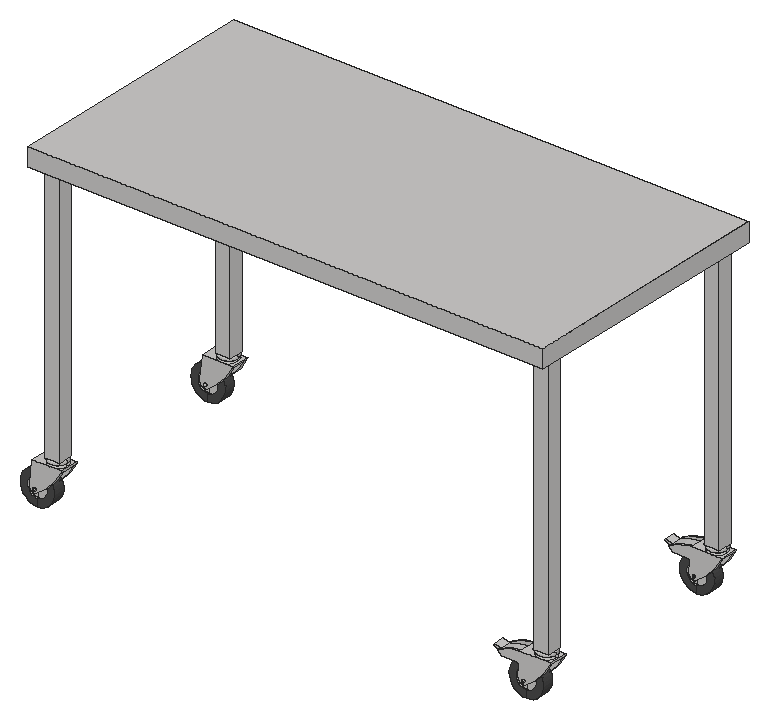
Revit family "QF_ELECTROLUXPROFESSIONAL_132838_WTD1407NR", category Attrezzature speciali, Revit 2020
Family settings
  Quota connettore circolare = Usa diametro
  Tipo di parte = Normale
  Basato su piano di lavoro = No
  Sempre verticale = Sì
  Taglio con vuoti quando caricato = No
  Condiviso = No
  Punto di calcolo locali = No
Parameters (values of type "Standard")
  Weight = 47.00 kg
  Watts = 0 W
  Volts = 0 V
  URL Manufacturer = "https://www.electroluxprofessional.com/"
  URL = "https://www.electroluxprofessional.com/"
  Steam Supply Size = 0 mm
  Steam Supply Minimum Pressure = 0.0 Pa
  Steam Supply Maximum Pressure = 0.0 Pa
  Steam Consumption per Hour = 0
  Refrigeration Suction Line Size = 0.0 mm
  Refrigeration Liquid Line Size = 0.0 mm
  Refrigerant Compressor Remote = yes
  Prospetto di default = 0.0 mm
  Produttore = "Electrolux Professional"
  Phase = 0
  Modello = "WTD1407NR"
  Length Actual = 1400.0 mm  # constant formula
  Item Number = "132838"
  Hot Water Size = 0 mm
  Height Actual = 900.0 mm  # constant formula
  HP = "0 HP"
  Gas Size = 0 mm
  Gas KW = 0
  Gas Input Pressure = 0 W
  Direct Waste Size = 0 mm
  Descrizione = "WORK TABLE ON WHEELS 1400MM H900"
  Depth Actual = 700.0 mm  # constant formula
  Cycle = 0 Hz
  Condensate Return Size = 0 mm
  Compressed Air Volume = 0.0 L/s
  Compressed Air Size = 0 mm
  Compressed Air Pressure = 0.0 Pa
  Cold Water Size = 0 mm
  Accessory = yes
Reference planes
  plane 1 "Center (Front/Back)": y = 0
  plane 2: z = 0
  plane 3 "Center (Left/Right)": x = -100
  plane 4 "LEFT": x = -800
  plane 5 "RIGHT": x = 600
  plane 6 "BACK": y = 350
  plane 7 "FRONT": y = -350
  plane 8 "Base": z = 850
  plane 9 "TOP": z = 900
  plane 10: x = -764.5
  plane 11: x = 564.5
  plane 12: y = 290
  plane 13: y = -290
Forms (mm)
  Extrusion 1, solid, material "QF_Finishes_Stainless Steel"
    sketch origin (0, 0, 900) x (0, 1, 0) y (-1, 0, 0)
      loop
        line (350, 800) -> (-350, 800) -> (-350, -600) -> (350, -600) -> (350, 800)
    from 0 to -50
  Extrusion 2, solid, material "QF_Finishes_Stainless Steel"
    sketch origin (-100, 0, 0) x (0, 1, 0) y (0, 0, 1)
      loop
        line (350, 900) -> (-350, 900) -> (-350, 850) -> (350, 850) -> (350, 900)
    from 700 to -700
Lines and regions (mm)
  symbolic lines
    curve 1: line (600, 350, 900) -> (-800, 350, 900)
    curve 2: line (-800, 350, 900) -> (-800, -350, 900)
    curve 3: line (-800, -350, 900) -> (600, -350, 900)
    curve 4: line (600, -350, 900) -> (600, 350, 900)
Dimensions and locks
  plane 4 "LEFT" to plane 5 "RIGHT" = 1400.0 mm
  equal spacing: plane 4 "LEFT", plane 3 "Center (Left/Right)", plane 5 "RIGHT"
  equal spacing: plane 6 "BACK", plane 1 "Center (Front/Back)", plane 7 "FRONT"
  plane 6 "BACK" to plane 7 "FRONT" = 700.0 mm
  plane 8 "Base" to level = 850.0 mm
  plane 9 "TOP" to level = 900.0 mm
  plane 6 "BACK" to plane 12 = 60.0 mm
  plane 13 to plane 7 "FRONT" = 60.0 mm
  plane 4 "LEFT" to plane 10 = 35.5 mm
  plane 11 to plane 5 "RIGHT" = 35.5 mm
  plane 10 to plane 11 = 1329.0 mm
  plane 12 to plane 13 = 580.0 mm
  aligned and locked: level to plane 2
  aligned and locked: plane 10 to nested 1
  aligned and locked: nested 1 to plane 13
  aligned and locked: plane 11 to nested 2
  aligned and locked: nested 2 to plane 13
  aligned and locked: plane 11 to nested 4
  aligned and locked: nested 4 to plane 12
  aligned and locked: plane 10 to nested 3
  aligned and locked: nested 3 to plane 12
  aligned and locked: Extrusion 1 sketch curve to plane 6 "BACK"
  aligned and locked: Extrusion 1 sketch curve to plane 4 "LEFT"
  aligned and locked: Extrusion 1 sketch curve to plane 7 "FRONT"
  aligned and locked: Extrusion 1 sketch curve to plane 5 "RIGHT"
  aligned and locked: plane 12 to nested 6
  aligned and locked: plane 11 to nested 6
  aligned and locked: plane 13 to nested 5
  aligned and locked: plane 10 to nested 5
  aligned and locked: plane 12 to nested 7
  aligned and locked: plane 10 to nested 7
  aligned and locked: plane 11 to nested 8
  aligned and locked: plane 13 to nested 8
  aligned and locked: Extrusion 2 sketch curve to plane 6 "BACK"
  aligned and locked: Extrusion 2 sketch curve to plane 9 "TOP"
  aligned and locked: plane 8 "Base" to Extrusion 2 sketch curve
  aligned and locked: plane 7 "FRONT" to Extrusion 2 sketch curve
  aligned and locked: Extrusion 2 to plane 4 "LEFT"
  aligned and locked: plane 5 "RIGHT" to Extrusion 2
  aligned and locked: plane 6 "BACK" to Extrusion 2
  aligned and locked: Extrusion 2 to plane 7 "FRONT"
Automatic sketch dimensions
  curve 2 to plane 4 "LEFT" = 0.0 mm
  curve 2 to plane 7 "FRONT" = 0.0 mm
  curve 2 to plane 6 "BACK" = 0.0 mm
  curve 1 to plane 5 "RIGHT" = 0.0 mm
Nested families
  nested 1: "FEET_40x40_WHEEL" at (-764.5, -290, 0), type "FEET_40x40_WHEEL"
  nested 2: "FEET_40x40_WHEEL" at (564.5, -290, 0), type "FEET_40x40_WHEEL"
  nested 3: "FEET_40x40_WHEEL" at (-764.5, 290, 0), type "FEET_40x40_WHEEL"
  nested 4: "FEET_40x40_WHEEL" at (564.5, 290, 0), type "FEET_40x40_WHEEL"
  nested 5: "WHEEL130" at (-764.5, -190.35, 0), type "WHEEL130"
    with Type Mark "", Status "", Specification by User "", Revision Code "", Installed By "", Identify Quantity as Lot yes, Furnished By "", Foodservice Equipment Identifier yes
  nested 6: "WHEEL130_LOCKED" at (564.5, 389.65, 0), type "WHEEL130_LOCKED"
    with Type Mark "", Status "", Specification by User "", Revision Code "", Installed By "", Identify Quantity as Lot yes, Furnished By "", Foodservice Equipment Identifier yes
  nested 7: "WHEEL130" at (-764.5, 389.65, 0), type "WHEEL130"
    with Type Mark "", Status "", Specification by User "", Revision Code "", Installed By "", Identify Quantity as Lot yes, Furnished By "", Foodservice Equipment Identifier yes
  nested 8: "WHEEL130_LOCKED" at (564.5, -190.35, 0), type "WHEEL130_LOCKED"
    with Type Mark "", Status "", Specification by User "", Revision Code "", Installed By "", Identify Quantity as Lot yes, Furnished By "", Foodservice Equipment Identifier yes
Definition of nested family "FEET_40x40_WHEEL"
  Parameters
    Default Elevation = 0.0 mm
    FEET = 850.0 mm
  Reference planes
    plane 1 "Center (Front/Back)": y = 0
    plane 2: z = 0
    plane 3 "Center (Left/Right)": x = 0
    plane 4: z = 850
  Forms (mm)
    Extrusion 1, solid
      sketch origin (0, 0, 0) x (1, 0, 0) y (0, 1, 0)
        loop
          line (-20, -20) -> (20, -20) -> (20, 20) -> (-20, 20) -> (-20, -20)
      from 130 to 845
    Extrusion 2, solid
      sketch origin (0, 0, 0) x (1, 0, 0) y (0, 1, 0)
        loop
          line (30, 30) -> (-30, 30) -> (-30, -30) -> (30, -30) -> (30, 30)
      from 845 to 850
  Lines and regions (mm)
    symbolic lines
      curve 1: line (0, -1.503, 0) -> (0, 1.508, 0)
      curve 2: line (1.561, 0, 0) -> (-1.439, 0, 0)
  Dimensions and locks
    "FEET": plane 4 to plane 2
    aligned and locked: level to plane 2
  Automatic sketch dimensions
    Extrusion 1 sketch curve to plane 3 "Center (Left/Right)" = 20.0 mm
    plane 3 "Center (Left/Right)" to Extrusion 1 sketch curve = 20.0 mm
    plane 1 "Center (Front/Back)" to Extrusion 1 sketch curve = 20.0 mm
    Extrusion 1 sketch curve to plane 1 "Center (Front/Back)" = 20.0 mm
    plane 3 "Center (Left/Right)" to Extrusion 2 sketch curve = 30.0 mm
    Extrusion 2 sketch curve to plane 1 "Center (Front/Back)" = 30.0 mm
    Extrusion 2 sketch curve to plane 3 "Center (Left/Right)" = 30.0 mm
    plane 1 "Center (Front/Back)" to Extrusion 2 sketch curve = 30.0 mm
    plane 1 "Center (Front/Back)" to curve 2 = 0.0 mm
    curve 1 to plane 3 "Center (Left/Right)" = 0.0 mm
    curve 2 to plane 3 "Center (Left/Right)" = 1.439 mm
    plane 3 "Center (Left/Right)" to curve 2 = 1.561 mm
    plane 1 "Center (Front/Back)" to curve 1 = 1.503 mm
    curve 1 to plane 1 "Center (Front/Back)" = 1.508 mm
Definition of nested family "WHEEL130"
  Parameters
    Weight = ""
    URL Manufacturer = ""
    URL Cutsheet = ""
    URL = ""
    Type Mark [instance] = ""
    Status [instance] = ""
    Specification by User [instance] = ""
    Specification by Manufacturer = ""
    Serial Number = ""
    Seismic Rating = ""
    SMACNA No = ""
    Revision Code [instance] = ""
    Default Elevation = 0.0 mm
    Omniclass Number and Title = ""
    NAFEM Spec ID Number = ""
    Model = ""
    MasterSpec. = ""
    Manufacturer = ""
    Installed By [instance] = ""
    Identify Quantity as Lot [instance] = yes
    Furnished By [instance] = ""
    Foodservice Equipment Identifier [instance] = yes
    Description = ""
    CSI MasterFormat = ""
    CSI Master Format = ""
    Assembly Code = ""
  Reference planes
    plane 1: z = 0
    plane 2 "Center (Front/Back)": y = -99.65
    plane 3 "Center (Left/Right)": x = 0
    plane 4 "TOP": z = 130
    plane 5 "Center X Caster": x = -44
  Forms (mm)
    Revolve 1, solid
      sketch origin (-44, -53.609, -25.504) x (0, -1, 0) y (0, 0, 1)
        loop
          line (26.04, 72.523) -> (26.04, 66.136) -> (35.372, 66.136) -> (35.372, 45.418) -> (31.533, 45.418) -> (31.533, 25.504) -> (60.548, 25.504) -> (60.548, 45.418) -> (56.709, 45.418) -> (56.709, 66.136) -> (66.04, 66.136) -> (66.04, 72.523) -> (26.04, 72.523)
        loop
          line (71.04, 69.259) -> (72.755, 69.259) -> (74.056, 70.56) -> (74.056, 72.523) -> (71.04, 72.523) -> (71.04, 69.259)
        loop
          line (21.099, 69.259) -> (21.099, 72.523) -> (18.053, 72.523) -> (18.053, 70.56) -> (19.353, 69.259) -> (21.099, 69.259)
        axis (18.053, 72.523) -> (74.056, 72.523)
      angle from 0 to 360
    Extrusion 2, solid
      sketch origin (0, -99.65, 0) x (-1, 0, 0) y (0, 0, 1)
        loop
          line (51.098, 117.019) -> (-30.875, 117.019) -> (-30.453, 113.093)
          arc (-30.453, 113.093) -> (-1.61, 71.515) -> (37.622, 39.556) r 180.858
          arc (37.622, 39.556) -> (51.933, 40.484) -> (57.92, 53.515) r 14
          line (57.92, 53.515) -> (51.098, 117.019)
        loop
          circle (44, 47.019) r 3.264
      from -20 to -25
    Extrusion 3, solid
      sketch origin (0, -99.65, 0) x (-1, 0, 0) y (0, 0, 1)
        loop
          line (51.098, 117.019) -> (-30.875, 117.019) -> (-30.453, 113.093)
          arc (-30.453, 113.093) -> (-1.61, 71.515) -> (37.622, 39.556) r 180.858
          arc (37.622, 39.556) -> (51.933, 40.484) -> (57.92, 53.515) r 14
          line (57.92, 53.515) -> (51.098, 117.019)
        loop
          circle (44, 47.019) r 3.264
      from 20 to 25
    Revolve 4, solid
      sketch origin (0, -99.65, 0) x (-1, 0, 0) y (0, 0, 1)
        loop
          line (0, 130) -> (-20, 130)
          arc (-20, 130) -> (-23.905, 128.171) -> (-25, 124) r 5.083
          line (-25, 124) -> (-22.422, 124) -> (-22.422, 121.88) -> (-24.688, 117.019) -> (0, 117.019) -> (0, 130)
        axis (0, 130) -> (0, 117.019)
      angle from 0 to 360
    Extrusion 5, solid
      sketch origin (0, -99.65, 0) x (-1, 0, 0) y (0, 0, 1)
        loop
          line (-30.875, 117.019) -> (-30.453, 113.093) -> (51.519, 113.093) -> (51.098, 117.019) -> (-30.875, 117.019)
      from -20 to 20
  Cuts and joins
    joined: Extrusion 2, Extrusion 3, Extrusion 5
  Lines and regions (mm)
    symbolic lines
      curve 1: line (-10, -99.65, 0) -> (10, -99.65, 0)
      curve 2: line (0, -108.445, 0) -> (0, -90.405, 0)
  Dimensions and locks
    plane 4 "TOP" to level = 130.0 mm  (x3)
    aligned and locked: level to plane 1
Definition of nested family "WHEEL130_LOCKED"
  Parameters
    Weight = ""
    URL Manufacturer = ""
    URL Cutsheet = ""
    URL = ""
    Type Mark [instance] = ""
    Status [instance] = ""
    Specification by User [instance] = ""
    Specification by Manufacturer = ""
    Serial Number = ""
    Seismic Rating = ""
    SMACNA No = ""
    Revision Code [instance] = ""
    Default Elevation = 0.0 mm
    Omniclass Number and Title = ""
    NAFEM Spec ID Number = ""
    Model = ""
    MasterSpec. = ""
    Manufacturer = ""
    Installed By [instance] = ""
    Identify Quantity as Lot [instance] = yes
    Furnished By [instance] = ""
    Foodservice Equipment Identifier [instance] = yes
    Description = ""
    CSI MasterFormat = ""
    CSI Master Format = ""
    Assembly Code = ""
  Reference planes
    plane 1: z = 0
    plane 2 "Center (Front/Back)": y = -99.65
    plane 3 "Center (Left/Right)": x = 0
    plane 4 "TOP": z = 130
    plane 5 "Center X Caster": x = -44
  Forms (mm)
    Revolve 1, solid
      sketch origin (-44, -53.609, -25.504) x (0, -1, 0) y (0, 0, 1)
        loop
          line (26.04, 72.523) -> (26.04, 66.136) -> (35.372, 66.136) -> (35.372, 45.418) -> (31.533, 45.418) -> (31.533, 25.504) -> (60.548, 25.504) -> (60.548, 45.418) -> (56.709, 45.418) -> (56.709, 66.136) -> (66.04, 66.136) -> (66.04, 72.523) -> (26.04, 72.523)
        loop
          line (71.04, 69.259) -> (72.755, 69.259) -> (74.056, 70.56) -> (74.056, 72.523) -> (71.04, 72.523) -> (71.04, 69.259)
        loop
          line (21.099, 69.259) -> (21.099, 72.523) -> (18.053, 72.523) -> (18.053, 70.56) -> (19.353, 69.259) -> (21.099, 69.259)
        axis (18.053, 72.523) -> (74.056, 72.523)
      angle from 0 to 360
    Extrusion 2, solid
      sketch origin (0, -99.65, 0) x (-1, 0, 0) y (0, 0, 1)
        loop
          line (56.125, 117.019) -> (-30.875, 117.019) -> (-30.453, 113.093)
          arc (-30.453, 113.093) -> (-1.61, 71.515) -> (37.622, 39.556) r 180.858
          arc (37.622, 39.556) -> (51.933, 40.484) -> (57.92, 53.515) r 14
          line (57.92, 53.515) -> (55.234, 78.516)
          arc (55.234, 78.516) -> (57.071, 84.203) -> (62.528, 86.637) r 7.337
          line (62.528, 86.637) -> (102.952, 86.637) -> (113.559, 97.243)
          arc (113.559, 97.243) -> (85.909, 110.231) -> (56.125, 117.019) r 142.32
        loop
          circle (44, 47.019) r 3.264
      from -20 to -25
    Extrusion 3, solid
      sketch origin (0, -99.65, 0) x (-1, 0, 0) y (0, 0, 1)
        loop
          line (56.125, 117.019) -> (-30.875, 117.019) -> (-30.453, 113.093)
          arc (-30.453, 113.093) -> (-1.61, 71.515) -> (37.622, 39.556) r 180.858
          arc (37.622, 39.556) -> (51.933, 40.484) -> (57.92, 53.515) r 14
          line (57.92, 53.515) -> (55.234, 78.516)
          arc (55.234, 78.516) -> (57.071, 84.203) -> (62.528, 86.637) r 7.337
          line (62.528, 86.637) -> (102.952, 86.637) -> (113.559, 97.243)
          arc (113.559, 97.243) -> (85.909, 110.231) -> (56.125, 117.019) r 142.32
        loop
          circle (44, 47.019) r 3.264
      from 20 to 25
    Extrusion 4, solid
      sketch origin (0, -99.65, 0) x (-1, 0, 0) y (0, 0, 1)
        loop
          line (133.012, 98.841) -> (130.309, 103.34) -> (113.559, 97.243)
          arc (113.559, 97.243) -> (84.897, 105.851) -> (55.427, 111.06) r 256.377
          line (55.427, 111.06) -> (44.82, 111.06)
          arc (44.82, 111.06) -> (37.781, 106.584) -> (38.85, 98.311) r 7.772
          line (38.85, 98.311) -> (105.452, 92.484) -> (114.112, 87.484) -> (133.012, 98.841)
        loop
          circle (44, 105.324) r 3.494
      from -14.507 to 14.507
    Extrusion 5, solid
      sketch origin (0, -99.65, 0) x (-1, 0, 0) y (0, 0, 1)
        loop
          circle (44, 105.324) r 3.494
      from -20 to 20
    Revolve 6, solid
      sketch origin (0, -99.65, 0) x (-1, 0, 0) y (0, 0, 1)
        loop
          line (0, 130) -> (-20, 130)
          arc (-20, 130) -> (-23.905, 128.171) -> (-25, 124) r 5.083
          line (-25, 124) -> (-22.422, 124) -> (-22.422, 121.88) -> (-24.688, 117.019) -> (0, 117.019) -> (0, 130)
        axis (0, 130) -> (0, 117.019)
      angle from 0 to 360
    Extrusion 7, solid
      sketch origin (0, -99.65, 0) x (-1, 0, 0) y (0, 0, 1)
        loop
          line (-30.875, 117.019) -> (-30.453, 113.093) -> (51.519, 113.093) -> (51.098, 117.019) -> (-30.875, 117.019)
      from -20 to 20
  Cuts and joins
    joined: Extrusion 2, Extrusion 3, Extrusion 7
  Lines and regions (mm)
    symbolic lines
      curve 1: line (11.908, -99.65, 0) -> (-11.403, -99.65, 0)
      curve 2: line (0, -111.652, 0) -> (0, -88.928, 0)
  Dimensions and locks
    plane 4 "TOP" to level = 130.0 mm  (x3)
    aligned and locked: level to plane 1
